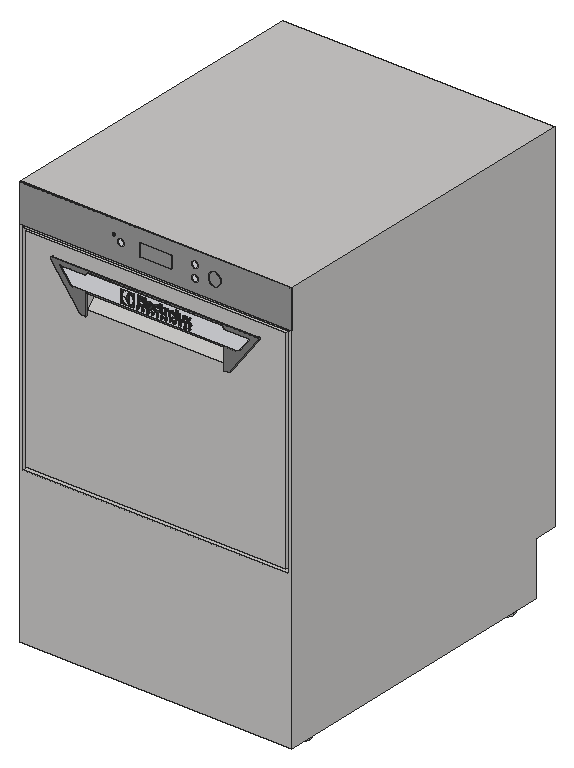
Revit family "QF_ELECTROLUXPROFESSIONAL_402124_ETGWSG16", category Attrezzature speciali, Revit 2021 (continued)
Automatic sketch dimensions
  Extrusion 10 sketch curve to Extrusion 10 sketch curve = 0.427 mm  (x2)
  Extrusion 10 sketch curve to Extrusion 10 sketch curve = 2.809 mm
  Extrusion 10 sketch curve to plane 8 = 119.648 mm  (x2)
  Extrusion 10 sketch curve to Extrusion 10 sketch curve = 0.99 mm  (x4)
  Extrusion 10 sketch curve to plane 8 = 120.138 mm  (x2)
  Extrusion 10 sketch curve to Extrusion 10 sketch curve = 0.782 mm  (x3)
  Extrusion 10 sketch curve to Extrusion 10 sketch curve = 0.126 mm  (x2)
  Extrusion 10 sketch curve to Extrusion 10 sketch curve = 1.389 mm  (x2)
  Extrusion 10 sketch curve to plane 8 = 111.695 mm
  Extrusion 10 sketch curve to Extrusion 10 sketch curve = 2.039 mm
  Extrusion 10 sketch curve to Extrusion 10 sketch curve = 2.048 mm
  Extrusion 10 sketch curve to Extrusion 10 sketch curve = 2.085 mm
  Extrusion 10 sketch curve to Extrusion 10 sketch curve = 0.724 mm
  Extrusion 10 sketch curve to plane 8 = 113.977 mm
  Extrusion 10 sketch curve to Extrusion 10 sketch curve = 1.046 mm
  Extrusion 10 sketch curve to Extrusion 10 sketch curve = 2.251 mm
  Extrusion 10 sketch curve to Extrusion 10 sketch curve = 0.003 mm
  Extrusion 10 sketch curve to plane 8 = 109.679 mm
  Extrusion 10 sketch curve to Extrusion 10 sketch curve = 2.475 mm
  Extrusion 10 sketch curve to plane 8 = 105.048 mm
  Extrusion 10 sketch curve to Extrusion 10 sketch curve = 4.018 mm
  Extrusion 10 sketch curve to plane 8 = 112.517 mm
  Extrusion 10 sketch curve to Extrusion 10 sketch curve = 1.543 mm
  Extrusion 10 sketch curve to plane 8 = 110.92 mm
  Extrusion 10 sketch curve to Extrusion 10 sketch curve = 1.535 mm  (x2)
  Extrusion 10 sketch curve to plane 8 = 106.646 mm
  Extrusion 10 sketch curve to Extrusion 10 sketch curve = 3.932 mm
  Extrusion 10 sketch curve to Extrusion 10 sketch curve = 0.048 mm
  Extrusion 10 sketch curve to Extrusion 10 sketch curve = 0.138 mm
  Extrusion 10 sketch curve to Extrusion 10 sketch curve = 1.402 mm
  Extrusion 10 sketch curve to Extrusion 10 sketch curve = 0.206 mm  (x2)
  Extrusion 10 sketch curve to Extrusion 10 sketch curve = 2.128 mm
  Extrusion 10 sketch curve to plane 8 = 105.505 mm
  Extrusion 10 sketch curve to Extrusion 10 sketch curve = 2.656 mm  (x2)
  Extrusion 10 sketch curve to plane 8 = 103.243 mm
  Extrusion 10 sketch curve to plane 8 = 112.061 mm
  Extrusion 10 sketch curve to plane 8 = 114.323 mm
  Extrusion 10 sketch curve to plane 8 = 108.783 mm  (x2)
  Extrusion 10 sketch curve to Extrusion 10 sketch curve = 3.216 mm
  Extrusion 10 sketch curve to Extrusion 10 sketch curve = 4.222 mm
  Extrusion 10 sketch curve to Extrusion 10 sketch curve = 0.18 mm
  Extrusion 10 sketch curve to Extrusion 10 sketch curve = 2.469 mm
  Extrusion 10 sketch curve to plane 8 = 108.555 mm
  Extrusion 10 sketch curve to Extrusion 10 sketch curve = 1.28 mm
  Extrusion 10 sketch curve to Extrusion 10 sketch curve = 0.041 mm  (x2)
  Extrusion 10 sketch curve to Extrusion 10 sketch curve = 1.873 mm
  Extrusion 10 sketch curve to plane 8 = 112.414 mm
  Extrusion 10 sketch curve to Extrusion 10 sketch curve = 0.664 mm
  Extrusion 10 sketch curve to plane 8 = 110.961 mm
  Extrusion 10 sketch curve to plane 8 = 107.683 mm
  Extrusion 10 sketch curve to Extrusion 10 sketch curve = 2.531 mm
  Extrusion 10 sketch curve to plane 8 = 112.165 mm
  Extrusion 10 sketch curve to Extrusion 10 sketch curve = 2.822 mm
  Extrusion 10 sketch curve to plane 8 = 114.281 mm
  Extrusion 10 sketch curve to Extrusion 10 sketch curve = 0.083 mm
  Extrusion 10 sketch curve to plane 8 = 103.285 mm
  Extrusion 10 sketch curve to Extrusion 10 sketch curve = 2.635 mm
  Extrusion 10 sketch curve to plane 8 = 105.401 mm
  Extrusion 10 sketch curve to Extrusion 10 sketch curve = 2.946 mm  (x2)
  Extrusion 10 sketch curve to Extrusion 10 sketch curve = 0.062 mm
  Extrusion 10 sketch curve to plane 8 = 108.846 mm
  Extrusion 10 sketch curve to Extrusion 10 sketch curve = 2.511 mm
  Extrusion 10 sketch curve to Extrusion 10 sketch curve = 7.106 mm
  Extrusion 10 sketch curve to Extrusion 10 sketch curve = 6.354 mm
  Extrusion 10 sketch curve to Extrusion 10 sketch curve = 2.478 mm
  Extrusion 10 sketch curve to Extrusion 10 sketch curve = 1.161 mm
  Extrusion 10 sketch curve to plane 8 = 119.3 mm
  Extrusion 10 sketch curve to Extrusion 10 sketch curve = 0.033 mm
  Extrusion 10 sketch curve to Extrusion 10 sketch curve = 0.694 mm
  Extrusion 10 sketch curve to Extrusion 10 sketch curve = 0.106 mm  (x2)
  Extrusion 10 sketch curve to Extrusion 10 sketch curve = 0.021 mm  (x2)
  Extrusion 10 sketch curve to Extrusion 10 sketch curve = 0.09 mm
  Extrusion 10 sketch curve to Extrusion 10 sketch curve = 1.76 mm
  Extrusion 10 sketch curve to plane 8 = 119.634 mm
  Extrusion 10 sketch curve to Extrusion 10 sketch curve = 0.948 mm
  Extrusion 10 sketch curve to Extrusion 10 sketch curve = 1.933 mm
  Extrusion 10 sketch curve to Extrusion 10 sketch curve = 2.318 mm
  Extrusion 10 sketch curve to Extrusion 10 sketch curve = 0.781 mm
  Extrusion 10 sketch curve to Extrusion 10 sketch curve = 0.839 mm
  Extrusion 10 sketch curve to Extrusion 10 sketch curve = 4.563 mm
  Extrusion 10 sketch curve to plane 8 = 114.021 mm
  Extrusion 10 sketch curve to plane 8 = 113.951 mm
  Extrusion 10 sketch curve to Extrusion 10 sketch curve = 0.973 mm
  Extrusion 10 sketch curve to Extrusion 10 sketch curve = 2.047 mm
  Extrusion 10 sketch curve to Extrusion 10 sketch curve = 0.001 mm
  Extrusion 10 sketch curve to Extrusion 10 sketch curve = 2.138 mm
  Extrusion 10 sketch curve to Extrusion 10 sketch curve = 0.853 mm
  Extrusion 10 sketch curve to Extrusion 10 sketch curve = 0.895 mm
  Extrusion 10 sketch curve to Extrusion 10 sketch curve = 2.477 mm
  Extrusion 10 sketch curve to Extrusion 10 sketch curve = 5.807 mm
  Extrusion 10 sketch curve to Extrusion 10 sketch curve = 7.939 mm
  Extrusion 10 sketch curve to Extrusion 10 sketch curve = 1.78 mm
  Extrusion 10 sketch curve to Extrusion 10 sketch curve = 0.215 mm
  Extrusion 10 sketch curve to Extrusion 10 sketch curve = 0.042 mm
  Extrusion 10 sketch curve to Extrusion 10 sketch curve = 6.738 mm
  Extrusion 10 sketch curve to Extrusion 10 sketch curve = 9.216 mm  (x2)
  Extrusion 10 sketch curve to Extrusion 10 sketch curve = 3.22 mm
  Extrusion 10 sketch curve to Extrusion 10 sketch curve = 3.518 mm
  Extrusion 10 sketch curve to Extrusion 10 sketch curve = 54.794 mm
  Extrusion 10 sketch curve to Extrusion 10 sketch curve = 7.314 mm
  Extrusion 10 sketch curve to Extrusion 10 sketch curve = 3.648 mm  (x2)
  Extrusion 10 sketch curve to Extrusion 10 sketch curve = 4.122 mm
  Extrusion 10 sketch curve to Extrusion 10 sketch curve = 3.598 mm  (x2)
  Extrusion 10 sketch curve to Extrusion 10 sketch curve = 1.632 mm
  Extrusion 10 sketch curve to Extrusion 10 sketch curve = 4.176 mm
  Extrusion 10 sketch curve to Extrusion 10 sketch curve = 1.127 mm
  Extrusion 10 sketch curve to Extrusion 10 sketch curve = 0.787 mm
  Extrusion 10 sketch curve to Extrusion 10 sketch curve = 0.856 mm
  Extrusion 10 sketch curve to Extrusion 10 sketch curve = 0.934 mm
  Extrusion 10 sketch curve to Extrusion 10 sketch curve = 0.941 mm  (x3)
  Extrusion 10 sketch curve to Extrusion 10 sketch curve = 1.073 mm
  Extrusion 10 sketch curve to Extrusion 10 sketch curve = 0.537 mm  (x2)
  Extrusion 10 sketch curve to Extrusion 10 sketch curve = 0.25 mm
  Extrusion 10 sketch curve to Extrusion 10 sketch curve = 0.311 mm  (x2)
  Extrusion 10 sketch curve to Extrusion 10 sketch curve = 0.031 mm
  Extrusion 10 sketch curve to Extrusion 10 sketch curve = 1.686 mm
  Extrusion 10 sketch curve to Extrusion 10 sketch curve = 0.082 mm
  Extrusion 10 sketch curve to Extrusion 10 sketch curve = 1.753 mm
  Extrusion 10 sketch curve to Extrusion 10 sketch curve = 0.014 mm  (x2)
  Extrusion 10 sketch curve to Extrusion 10 sketch curve = 0.109 mm  (x2)
  Extrusion 10 sketch curve to Extrusion 10 sketch curve = 0.018 mm  (x2)
  Extrusion 10 sketch curve to Extrusion 10 sketch curve = 2.046 mm
  Extrusion 10 sketch curve to Extrusion 10 sketch curve = 1.021 mm
  Extrusion 10 sketch curve to Extrusion 10 sketch curve = 0.827 mm
  Extrusion 10 sketch curve to Extrusion 10 sketch curve = 4.496 mm
  Extrusion 10 sketch curve to Extrusion 10 sketch curve = 4.443 mm
  Extrusion 10 sketch curve to Extrusion 10 sketch curve = 1.66 mm
  Extrusion 10 sketch curve to Extrusion 10 sketch curve = 0.631 mm  (x2)
  Extrusion 10 sketch curve to Extrusion 10 sketch curve = 1.016 mm
  Extrusion 10 sketch curve to Extrusion 10 sketch curve = 0.313 mm  (x2)
  Extrusion 10 sketch curve to Extrusion 10 sketch curve = 0.94 mm  (x3)
  Extrusion 10 sketch curve to Extrusion 10 sketch curve = 0.163 mm  (x2)
  Extrusion 10 sketch curve to Extrusion 10 sketch curve = 1.847 mm
  Extrusion 10 sketch curve to Extrusion 10 sketch curve = 0.192 mm  (x2)
  Extrusion 10 sketch curve to Extrusion 10 sketch curve = 0.704 mm
  Extrusion 10 sketch curve to Extrusion 10 sketch curve = 0.686 mm
  Extrusion 10 sketch curve to Extrusion 10 sketch curve = 0.002 mm
  Extrusion 10 sketch curve to Extrusion 10 sketch curve = 0.077 mm  (x2)
  Extrusion 10 sketch curve to Extrusion 10 sketch curve = 0.865 mm
  Extrusion 10 sketch curve to Extrusion 10 sketch curve = 1.05 mm
  Extrusion 10 sketch curve to Extrusion 10 sketch curve = 0.337 mm  (x2)
  Extrusion 10 sketch curve to Extrusion 10 sketch curve = 1.955 mm
  Extrusion 10 sketch curve to Extrusion 10 sketch curve = 2.265 mm  (x2)
  Extrusion 10 sketch curve to Extrusion 10 sketch curve = 0.004 mm  (x2)
  Extrusion 10 sketch curve to Extrusion 10 sketch curve = 2.182 mm
  Extrusion 10 sketch curve to Extrusion 10 sketch curve = 2.329 mm
  Extrusion 10 sketch curve to Extrusion 10 sketch curve = 0.132 mm
  Extrusion 10 sketch curve to Extrusion 10 sketch curve = 0.034 mm
  Extrusion 10 sketch curve to Extrusion 10 sketch curve = 4.131 mm
  Extrusion 10 sketch curve to Extrusion 10 sketch curve = 1.129 mm
  Extrusion 10 sketch curve to Extrusion 10 sketch curve = 0.166 mm
  Extrusion 10 sketch curve to Extrusion 10 sketch curve = 0.141 mm
  Extrusion 10 sketch curve to Extrusion 10 sketch curve = 2.155 mm
  Extrusion 10 sketch curve to Extrusion 10 sketch curve = 0.871 mm
  Extrusion 10 sketch curve to Extrusion 10 sketch curve = 2.788 mm
  Extrusion 10 sketch curve to Extrusion 10 sketch curve = 1.833 mm
  Extrusion 10 sketch curve to Extrusion 10 sketch curve = 1.273 mm
  Extrusion 10 sketch curve to Extrusion 10 sketch curve = 2.637 mm
  Extrusion 10 sketch curve to Extrusion 10 sketch curve = 0.103 mm
  Extrusion 10 sketch curve to Extrusion 10 sketch curve = 3.672 mm
  Extrusion 10 sketch curve to Extrusion 10 sketch curve = 2.338 mm
  Extrusion 10 sketch curve to Extrusion 10 sketch curve = 0.6 mm
  Extrusion 10 sketch curve to Extrusion 10 sketch curve = 1.548 mm
  Extrusion 10 sketch curve to Extrusion 10 sketch curve = 2.252 mm
  Extrusion 10 sketch curve to Extrusion 10 sketch curve = 2.396 mm
  Extrusion 10 sketch curve to Extrusion 10 sketch curve = 1.409 mm
  Extrusion 10 sketch curve to Extrusion 10 sketch curve = 3.403 mm
  Extrusion 10 sketch curve to Extrusion 10 sketch curve = 2.331 mm
  Extrusion 10 sketch curve to Extrusion 10 sketch curve = 3.986 mm
  Extrusion 10 sketch curve to Extrusion 10 sketch curve = 3.987 mm
  Extrusion 10 sketch curve to Extrusion 10 sketch curve = 1.246 mm  (x2)
  Extrusion 10 sketch curve to Extrusion 10 sketch curve = 1.098 mm  (x2)
  Extrusion 10 sketch curve to Extrusion 10 sketch curve = 0.822 mm  (x2)
  Extrusion 10 sketch curve to Extrusion 10 sketch curve = 0.263 mm  (x2)
  Extrusion 10 sketch curve to Extrusion 10 sketch curve = 0.49 mm  (x2)
  Extrusion 10 sketch curve to Extrusion 10 sketch curve = 0.278 mm  (x2)
  Extrusion 10 sketch curve to Extrusion 10 sketch curve = 0.257 mm  (x2)
  Extrusion 10 sketch curve to Extrusion 10 sketch curve = 0.125 mm  (x2)
  Extrusion 12 sketch curve to Extrusion 12 sketch curve = 0 mm  (x29)
  Extrusion 12 sketch curve to plane 8 = 114.024 mm  (x3)
  plane 4 "LEFT" to Extrusion 12 sketch curve = 288.569 mm
  Extrusion 12 sketch curve to plane 8 = 103.615 mm  (x2)
  Extrusion 12 sketch curve to Extrusion 12 sketch curve = 0.351 mm
  Extrusion 12 sketch curve to Extrusion 12 sketch curve = 0.877 mm
  Extrusion 12 sketch curve to plane 8 = 105.873 mm
  Extrusion 12 sketch curve to Extrusion 12 sketch curve = 1.658 mm
  Extrusion 12 sketch curve to plane 8 = 110.695 mm
  Extrusion 12 sketch curve to Extrusion 12 sketch curve = 2.381 mm
  Extrusion 12 sketch curve to Extrusion 12 sketch curve = 2.664 mm
  Extrusion 12 sketch curve to Extrusion 12 sketch curve = 1.914 mm
  Extrusion 12 sketch curve to Extrusion 12 sketch curve = 1.048 mm
  Extrusion 12 sketch curve to Extrusion 12 sketch curve = 1.023 mm  (x6)
  Extrusion 12 sketch curve to plane 8 = 108.51 mm
  Extrusion 12 sketch curve to Extrusion 12 sketch curve = 1.563 mm
  Extrusion 12 sketch curve to plane 8 = 110.348 mm
  Extrusion 12 sketch curve to Extrusion 12 sketch curve = 1.364 mm  (x2)
  Extrusion 12 sketch curve to plane 8 = 106.733 mm
  Extrusion 12 sketch curve to plane 8 = 108.53 mm
  Extrusion 12 sketch curve to Extrusion 12 sketch curve = 1.363 mm
  Extrusion 12 sketch curve to Extrusion 12 sketch curve = 2.272 mm
  Extrusion 12 sketch curve to plane 8 = 121.266 mm  (x3)
  Extrusion 12 sketch curve to Extrusion 12 sketch curve = 4.059 mm
  Extrusion 12 sketch curve to Extrusion 12 sketch curve = 2.643 mm
  Extrusion 12 sketch curve to plane 8 = 105.721 mm
  Extrusion 12 sketch curve to Extrusion 12 sketch curve = 1.145 mm
  Extrusion 12 sketch curve to plane 8 = 111.528 mm
  Extrusion 12 sketch curve to Extrusion 12 sketch curve = 0.872 mm
  Extrusion 12 sketch curve to Extrusion 12 sketch curve = 1.1 mm
  Extrusion 12 sketch curve to Extrusion 12 sketch curve = 0.485 mm  (x2)
  Extrusion 12 sketch curve to Extrusion 12 sketch curve = 0.459 mm  (x4)
  Extrusion 12 sketch curve to Extrusion 12 sketch curve = 1.54 mm
  Extrusion 12 sketch curve to plane 8 = 116.289 mm
  Extrusion 12 sketch curve to Extrusion 12 sketch curve = 0.461 mm  (x2)
  Extrusion 12 sketch curve to plane 8 = 118.15 mm
  Extrusion 12 sketch curve to Extrusion 12 sketch curve = 0.238 mm
  Extrusion 12 sketch curve to plane 8 = 119.171 mm
  Extrusion 12 sketch curve to Extrusion 12 sketch curve = 0.922 mm
  Extrusion 12 sketch curve to plane 8 = 109.831 mm
  Extrusion 12 sketch curve to Extrusion 12 sketch curve = 2.935 mm
  Extrusion 12 sketch curve to Extrusion 12 sketch curve = 1.099 mm
  Extrusion 12 sketch curve to Extrusion 12 sketch curve = 2.498 mm
  Extrusion 12 sketch curve to plane 8 = 112.021 mm
  Extrusion 12 sketch curve to Extrusion 12 sketch curve = 2.273 mm
  Extrusion 12 sketch curve to plane 8 = 114.293 mm
  Extrusion 12 sketch curve to Extrusion 12 sketch curve = 0.02 mm
  Extrusion 12 sketch curve to Extrusion 12 sketch curve = 0.393 mm  (x3)
  Extrusion 12 sketch curve to Extrusion 12 sketch curve = 0.995 mm
  Extrusion 12 sketch curve to plane 8 = 119.513 mm
  Extrusion 12 sketch curve to Extrusion 12 sketch curve = 0.039 mm  (x2)
  Extrusion 12 sketch curve to Extrusion 12 sketch curve = 4.544 mm
  Extrusion 12 sketch curve to plane 8 = 118.137 mm
  Extrusion 12 sketch curve to Extrusion 12 sketch curve = 2.238 mm
  Extrusion 12 sketch curve to Extrusion 12 sketch curve = 1.034 mm
  Extrusion 12 sketch curve to Extrusion 12 sketch curve = 2.499 mm
  Extrusion 12 sketch curve to Extrusion 12 sketch curve = 1.948 mm
  Extrusion 12 sketch curve to Extrusion 12 sketch curve = 2.48 mm
  Extrusion 12 sketch curve to plane 8 = 108.819 mm  (x4)
  Extrusion 12 sketch curve to Extrusion 12 sketch curve = 1.524 mm
  Extrusion 12 sketch curve to Extrusion 12 sketch curve = 2.438 mm
  Extrusion 12 sketch curve to Extrusion 12 sketch curve = 2.458 mm  (x2)
  Extrusion 12 sketch curve to plane 8 = 105.556 mm
  Extrusion 12 sketch curve to Extrusion 12 sketch curve = 3.221 mm  (x2)
  Extrusion 12 sketch curve to plane 8 = 114.334 mm
  Extrusion 12 sketch curve to plane 8 = 112.083 mm
  Extrusion 12 sketch curve to plane 8 = 103.305 mm
  Extrusion 12 sketch curve to Extrusion 12 sketch curve = 2.133 mm
  Extrusion 12 sketch curve to Extrusion 12 sketch curve = 3.222 mm
  Extrusion 12 sketch curve to Extrusion 12 sketch curve = 2.459 mm
  Extrusion 12 sketch curve to Extrusion 12 sketch curve = 0.379 mm
  Extrusion 12 sketch curve to plane 8 = 105.762 mm
  Extrusion 12 sketch curve to Extrusion 12 sketch curve = 1.033 mm
  Extrusion 12 sketch curve to plane 8 = 117.09 mm  (x2)
  Extrusion 12 sketch curve to Extrusion 12 sketch curve = 4.456 mm
  Extrusion 12 sketch curve to plane 8 = 117.595 mm  (x2)
  Extrusion 12 sketch curve to Extrusion 12 sketch curve = 0.735 mm  (x2)
  Extrusion 12 sketch curve to Extrusion 12 sketch curve = 0.432 mm  (x2)
  Extrusion 12 sketch curve to Extrusion 12 sketch curve = 0.445 mm  (x2)
  Extrusion 12 sketch curve to Extrusion 12 sketch curve = 0.209 mm  (x2)
  Extrusion 12 sketch curve to Extrusion 12 sketch curve = 0.236 mm  (x2)
  Extrusion 12 sketch curve to Extrusion 12 sketch curve = 0.12 mm  (x2)
  Extrusion 12 sketch curve to Extrusion 12 sketch curve = 0.365 mm  (x2)
  Extrusion 12 sketch curve to Extrusion 12 sketch curve = 0.007 mm  (x2)
  Extrusion 12 sketch curve to Extrusion 12 sketch curve = 0.164 mm  (x4)
  Extrusion 12 sketch curve to Extrusion 12 sketch curve = 0.093 mm  (x2)
  Extrusion 12 sketch curve to Extrusion 12 sketch curve = 0.137 mm  (x2)
  Extrusion 12 sketch curve to Extrusion 12 sketch curve = 0.009 mm  (x5)
  Extrusion 12 sketch curve to Extrusion 12 sketch curve = 0.168 mm  (x2)
  Extrusion 12 sketch curve to Extrusion 12 sketch curve = 0.079 mm  (x2)
  Extrusion 12 sketch curve to Extrusion 12 sketch curve = 0.094 mm  (x2)
  Extrusion 12 sketch curve to Extrusion 12 sketch curve = 0.427 mm  (x2)
  Extrusion 12 sketch curve to Extrusion 12 sketch curve = 0.886 mm
  Extrusion 12 sketch curve to Extrusion 12 sketch curve = 2.809 mm
  Extrusion 12 sketch curve to plane 8 = 119.648 mm  (x2)
  Extrusion 12 sketch curve to Extrusion 12 sketch curve = 0.99 mm  (x4)
  Extrusion 12 sketch curve to plane 8 = 120.138 mm  (x2)
  Extrusion 12 sketch curve to Extrusion 12 sketch curve = 0.782 mm  (x3)
  Extrusion 12 sketch curve to Extrusion 12 sketch curve = 0.126 mm  (x2)
  Extrusion 12 sketch curve to Extrusion 12 sketch curve = 1.389 mm  (x2)
  Extrusion 12 sketch curve to plane 8 = 111.695 mm
  Extrusion 12 sketch curve to Extrusion 12 sketch curve = 2.039 mm
  Extrusion 12 sketch curve to Extrusion 12 sketch curve = 2.048 mm
  Extrusion 12 sketch curve to Extrusion 12 sketch curve = 2.085 mm
  Extrusion 12 sketch curve to Extrusion 12 sketch curve = 0.724 mm
  Extrusion 12 sketch curve to plane 8 = 113.977 mm
  Extrusion 12 sketch curve to Extrusion 12 sketch curve = 1.046 mm
  Extrusion 12 sketch curve to Extrusion 12 sketch curve = 2.251 mm
  Extrusion 12 sketch curve to Extrusion 12 sketch curve = 2.301 mm
  Extrusion 12 sketch curve to plane 8 = 109.679 mm
  Extrusion 12 sketch curve to Extrusion 12 sketch curve = 2.475 mm
  Extrusion 12 sketch curve to plane 8 = 105.048 mm
  Extrusion 12 sketch curve to Extrusion 12 sketch curve = 4.018 mm
  Extrusion 12 sketch curve to plane 8 = 112.517 mm
  Extrusion 12 sketch curve to Extrusion 12 sketch curve = 1.543 mm
  Extrusion 12 sketch curve to plane 8 = 110.92 mm
  Extrusion 12 sketch curve to Extrusion 12 sketch curve = 1.535 mm  (x2)
  Extrusion 12 sketch curve to plane 8 = 106.646 mm
  Extrusion 12 sketch curve to Extrusion 12 sketch curve = 3.932 mm
  Extrusion 12 sketch curve to Extrusion 12 sketch curve = 0.048 mm
  Extrusion 12 sketch curve to Extrusion 12 sketch curve = 0.187 mm
  Extrusion 12 sketch curve to Extrusion 12 sketch curve = 1.402 mm
  Extrusion 12 sketch curve to Extrusion 12 sketch curve = 0.206 mm  (x2)
  Extrusion 12 sketch curve to Extrusion 12 sketch curve = 0.569 mm
  Extrusion 12 sketch curve to plane 8 = 105.505 mm
  Extrusion 12 sketch curve to Extrusion 12 sketch curve = 2.656 mm  (x2)
  Extrusion 12 sketch curve to plane 8 = 103.243 mm
  Extrusion 12 sketch curve to plane 8 = 112.061 mm
  Extrusion 12 sketch curve to plane 8 = 114.323 mm
  Extrusion 12 sketch curve to plane 8 = 108.783 mm  (x2)
  Extrusion 12 sketch curve to Extrusion 12 sketch curve = 3.216 mm
  Extrusion 12 sketch curve to Extrusion 12 sketch curve = 4.222 mm
  Extrusion 12 sketch curve to Extrusion 12 sketch curve = 0.18 mm
  Extrusion 12 sketch curve to Extrusion 12 sketch curve = 2.469 mm
  Extrusion 12 sketch curve to plane 8 = 108.555 mm
  Extrusion 12 sketch curve to Extrusion 12 sketch curve = 1.28 mm
  Extrusion 12 sketch curve to plane 8 = 109.426 mm
  Extrusion 12 sketch curve to Extrusion 12 sketch curve = 0.041 mm  (x2)
  Extrusion 12 sketch curve to Extrusion 12 sketch curve = 1.873 mm
  Extrusion 12 sketch curve to plane 8 = 112.414 mm
  Extrusion 12 sketch curve to Extrusion 12 sketch curve = 0.664 mm
  Extrusion 12 sketch curve to plane 8 = 110.961 mm
  Extrusion 12 sketch curve to Extrusion 12 sketch curve = 1.494 mm
  Extrusion 12 sketch curve to plane 8 = 107.683 mm
  Extrusion 12 sketch curve to Extrusion 12 sketch curve = 2.531 mm
  Extrusion 12 sketch curve to plane 8 = 112.165 mm
  Extrusion 12 sketch curve to Extrusion 12 sketch curve = 2.822 mm
  Extrusion 12 sketch curve to plane 8 = 114.281 mm
  Extrusion 12 sketch curve to Extrusion 12 sketch curve = 0.083 mm
  Extrusion 12 sketch curve to plane 8 = 105.401 mm
  Extrusion 12 sketch curve to Extrusion 12 sketch curve = 2.635 mm
  Extrusion 12 sketch curve to plane 8 = 103.285 mm
  Extrusion 12 sketch curve to Extrusion 12 sketch curve = 2.946 mm  (x2)
  Extrusion 12 sketch curve to Extrusion 12 sketch curve = 0.062 mm
  Extrusion 12 sketch curve to plane 8 = 108.846 mm
  Extrusion 12 sketch curve to Extrusion 12 sketch curve = 2.511 mm
  Extrusion 12 sketch curve to Extrusion 12 sketch curve = 7.106 mm
  Extrusion 12 sketch curve to Extrusion 12 sketch curve = 6.354 mm
  Extrusion 12 sketch curve to Extrusion 12 sketch curve = 2.478 mm  (x2)
  Extrusion 12 sketch curve to Extrusion 12 sketch curve = 1.161 mm
  Extrusion 12 sketch curve to plane 8 = 119.3 mm
  Extrusion 12 sketch curve to Extrusion 12 sketch curve = 0.033 mm
  Extrusion 12 sketch curve to Extrusion 12 sketch curve = 0.694 mm
  Extrusion 12 sketch curve to Extrusion 12 sketch curve = 0.106 mm
  Extrusion 12 sketch curve to Extrusion 12 sketch curve = 0.021 mm  (x2)
  Extrusion 12 sketch curve to Extrusion 12 sketch curve = 0.09 mm
  Extrusion 12 sketch curve to Extrusion 12 sketch curve = 1.76 mm
  Extrusion 12 sketch curve to plane 8 = 119.634 mm
  Extrusion 12 sketch curve to Extrusion 12 sketch curve = 0.948 mm
  Extrusion 12 sketch curve to Extrusion 12 sketch curve = 1.933 mm
  Extrusion 12 sketch curve to Extrusion 12 sketch curve = 2.318 mm
  Extrusion 12 sketch curve to Extrusion 12 sketch curve = 0.908 mm
  Extrusion 12 sketch curve to plane 8 = 119.552 mm
  Extrusion 12 sketch curve to Extrusion 12 sketch curve = 0.781 mm
  Extrusion 12 sketch curve to Extrusion 12 sketch curve = 4.563 mm
  Extrusion 12 sketch curve to plane 8 = 113.951 mm
  Extrusion 12 sketch curve to Extrusion 12 sketch curve = 0.973 mm
  Extrusion 12 sketch curve to plane 8 = 109.537 mm
  Extrusion 12 sketch curve to Extrusion 12 sketch curve = 2.047 mm
  Extrusion 12 sketch curve to Extrusion 12 sketch curve = 0.001 mm
  Extrusion 12 sketch curve to Extrusion 12 sketch curve = 2.138 mm
  Extrusion 12 sketch curve to Extrusion 12 sketch curve = 0.895 mm
  Extrusion 12 sketch curve to Extrusion 12 sketch curve = 0.853 mm
  Extrusion 12 sketch curve to plane 8 = 109.431 mm
  Extrusion 12 sketch curve to Extrusion 12 sketch curve = 5.283 mm
  Extrusion 12 sketch curve to Extrusion 12 sketch curve = 7.939 mm
  Extrusion 12 sketch curve to Extrusion 12 sketch curve = 1.78 mm
  Extrusion 12 sketch curve to Extrusion 12 sketch curve = 0.215 mm
  Extrusion 12 sketch curve to Extrusion 12 sketch curve = 0.042 mm
  Extrusion 12 sketch curve to Extrusion 12 sketch curve = 6.738 mm
  Extrusion 12 sketch curve to Extrusion 12 sketch curve = 9.216 mm  (x2)
  Extrusion 12 sketch curve to Extrusion 12 sketch curve = 3.22 mm
  Extrusion 12 sketch curve to Extrusion 12 sketch curve = 3.518 mm
  Extrusion 12 sketch curve to Extrusion 12 sketch curve = 7.314 mm
  Extrusion 12 sketch curve to Extrusion 12 sketch curve = 1.714 mm
  Extrusion 12 sketch curve to Extrusion 12 sketch curve = 3.648 mm  (x2)
  Extrusion 12 sketch curve to Extrusion 12 sketch curve = 3.598 mm  (x2)
  Extrusion 12 sketch curve to Extrusion 12 sketch curve = 4.176 mm
  Extrusion 12 sketch curve to Extrusion 12 sketch curve = 1.127 mm
  Extrusion 12 sketch curve to Extrusion 12 sketch curve = 3.129 mm
  Extrusion 12 sketch curve to Extrusion 12 sketch curve = 1.753 mm
  Extrusion 12 sketch curve to Extrusion 12 sketch curve = 0.787 mm
  Extrusion 12 sketch curve to Extrusion 12 sketch curve = 0.856 mm
  Extrusion 12 sketch curve to Extrusion 12 sketch curve = 0.934 mm
  Extrusion 12 sketch curve to Extrusion 12 sketch curve = 0.941 mm  (x3)
  Extrusion 12 sketch curve to Extrusion 12 sketch curve = 1.021 mm
  Extrusion 12 sketch curve to Extrusion 12 sketch curve = 0.537 mm  (x2)
  Extrusion 12 sketch curve to Extrusion 12 sketch curve = 0.25 mm
  Extrusion 12 sketch curve to Extrusion 12 sketch curve = 0.311 mm  (x2)
  Extrusion 12 sketch curve to Extrusion 12 sketch curve = 0.031 mm
  Extrusion 12 sketch curve to Extrusion 12 sketch curve = 1.686 mm
  Extrusion 12 sketch curve to Extrusion 12 sketch curve = 0.014 mm  (x2)
  Extrusion 12 sketch curve to Extrusion 12 sketch curve = 0.109 mm  (x2)
  Extrusion 12 sketch curve to Extrusion 12 sketch curve = 0.018 mm  (x2)
  Extrusion 12 sketch curve to Extrusion 12 sketch curve = 2.046 mm
  Extrusion 12 sketch curve to Extrusion 12 sketch curve = 0.827 mm
  Extrusion 12 sketch curve to Extrusion 12 sketch curve = 4.496 mm
  Extrusion 12 sketch curve to Extrusion 12 sketch curve = 4.443 mm
  Extrusion 12 sketch curve to Extrusion 12 sketch curve = 1.66 mm
  Extrusion 12 sketch curve to Extrusion 12 sketch curve = 0.631 mm  (x2)
  Extrusion 12 sketch curve to Extrusion 12 sketch curve = 1.016 mm
  Extrusion 12 sketch curve to Extrusion 12 sketch curve = 0.313 mm  (x2)
  Extrusion 12 sketch curve to Extrusion 12 sketch curve = 0.94 mm  (x3)
  Extrusion 12 sketch curve to Extrusion 12 sketch curve = 0.163 mm  (x2)
  Extrusion 12 sketch curve to Extrusion 12 sketch curve = 0.192 mm  (x2)
  Extrusion 12 sketch curve to Extrusion 12 sketch curve = 0.704 mm
  Extrusion 12 sketch curve to Extrusion 12 sketch curve = 0.686 mm
  Extrusion 12 sketch curve to Extrusion 12 sketch curve = 0.002 mm
  Extrusion 12 sketch curve to Extrusion 12 sketch curve = 0.077 mm  (x2)
  Extrusion 12 sketch curve to Extrusion 12 sketch curve = 0.865 mm
  Extrusion 12 sketch curve to Extrusion 12 sketch curve = 1.05 mm
  Extrusion 12 sketch curve to Extrusion 12 sketch curve = 0.337 mm  (x2)
  Extrusion 12 sketch curve to Extrusion 12 sketch curve = 2.265 mm  (x2)
  Extrusion 12 sketch curve to Extrusion 12 sketch curve = 1.996 mm
  Extrusion 12 sketch curve to Extrusion 12 sketch curve = 1.955 mm
  Extrusion 12 sketch curve to Extrusion 12 sketch curve = 1.847 mm
  Extrusion 12 sketch curve to Extrusion 12 sketch curve = 3.869 mm
  Extrusion 12 sketch curve to Extrusion 12 sketch curve = 0.004 mm  (x2)
  Extrusion 12 sketch curve to Extrusion 12 sketch curve = 2.329 mm
  Extrusion 12 sketch curve to Extrusion 12 sketch curve = 0.132 mm
  Extrusion 12 sketch curve to Extrusion 12 sketch curve = 0.034 mm
  Extrusion 12 sketch curve to Extrusion 12 sketch curve = 4.131 mm
  Extrusion 12 sketch curve to Extrusion 12 sketch curve = 1.129 mm
  Extrusion 12 sketch curve to Extrusion 12 sketch curve = 0.166 mm
  Extrusion 12 sketch curve to Extrusion 12 sketch curve = 0.141 mm
  Extrusion 12 sketch curve to Extrusion 12 sketch curve = 2.788 mm
  Extrusion 12 sketch curve to Extrusion 12 sketch curve = 1.833 mm
  Extrusion 12 sketch curve to Extrusion 12 sketch curve = 1.273 mm
  Extrusion 12 sketch curve to Extrusion 12 sketch curve = 2.637 mm
  Extrusion 12 sketch curve to Extrusion 12 sketch curve = 0.103 mm
  Extrusion 12 sketch curve to Extrusion 12 sketch curve = 3.672 mm
  Extrusion 12 sketch curve to Extrusion 12 sketch curve = 2.338 mm
  Extrusion 12 sketch curve to Extrusion 12 sketch curve = 0.6 mm
  Extrusion 12 sketch curve to Extrusion 12 sketch curve = 1.548 mm
  Extrusion 12 sketch curve to Extrusion 12 sketch curve = 6.073 mm
  Extrusion 12 sketch curve to Extrusion 12 sketch curve = 2.252 mm
  Extrusion 12 sketch curve to Extrusion 12 sketch curve = 2.396 mm
  Extrusion 12 sketch curve to Extrusion 12 sketch curve = 1.409 mm
  Extrusion 12 sketch curve to Extrusion 12 sketch curve = 3.403 mm
  Extrusion 12 sketch curve to Extrusion 12 sketch curve = 0.89 mm
  Extrusion 12 sketch curve to Extrusion 12 sketch curve = 2.331 mm
  Extrusion 12 sketch curve to Extrusion 12 sketch curve = 3.986 mm
  Extrusion 12 sketch curve to Extrusion 12 sketch curve = 3.987 mm
  Extrusion 12 sketch curve to Extrusion 12 sketch curve = 1.246 mm  (x2)
  Extrusion 12 sketch curve to Extrusion 12 sketch curve = 1.098 mm  (x2)
  Extrusion 12 sketch curve to Extrusion 12 sketch curve = 0.822 mm  (x2)
  Extrusion 12 sketch curve to Extrusion 12 sketch curve = 0.263 mm  (x2)
  Extrusion 12 sketch curve to Extrusion 12 sketch curve = 0.49 mm  (x2)
  Extrusion 12 sketch curve to Extrusion 12 sketch curve = 0.278 mm  (x2)
  Extrusion 12 sketch curve to Extrusion 12 sketch curve = 0.257 mm  (x2)
  Extrusion 12 sketch curve to Extrusion 12 sketch curve = 0.125 mm  (x2)
  Extrusion 13 sketch curve to plane 8 = 0 mm
  Extrusion 13 sketch curve to plane 4 "LEFT" = 0 mm
  Extrusion 13 sketch curve to plane 5 "RIGHT" = 0 mm
  Extrusion 13 sketch curve to plane 8 = 64.303 mm
  Extrusion 14 sketch curve to plane 6 "FRONT" = 0 mm
  plane 11 "2" to Extrusion 14 sketch curve = 19.494 mm
  Extrusion 14 sketch curve to plane 8 = 132.753 mm
  Extrusion 14 sketch curve to Extrusion 14 sketch curve = 40 mm
  Extrusion 14 sketch curve to Extrusion 14 sketch curve = 20.494 mm
  Extrusion 1 sketch curve to plane 10 = 0 mm
  Extrusion 2 sketch curve to plane 10 = 0 mm
  plane 4 "LEFT" to Extrusion 3 sketch curve = 19.5 mm  (x2)
  Extrusion 3 sketch curve to plane 5 "RIGHT" = 19.5 mm  (x2)
  plane 11 "2" to Extrusion 3 sketch curve = 46 mm  (x2)
  Extrusion 3 sketch curve to plane 10 = 38 mm  (x2)
  Extrusion 4 sketch curve to Extrusion 1 = 5 mm  (x2)
  Extrusion 4 sketch curve to Extrusion 1 = 260 mm
  Extrusion 4 sketch curve to Extrusion 1 = 65.855 mm
  Extrusion 8 sketch curve to plane 6 "FRONT" = 0 mm
  plane 11 "2" to Extrusion 8 sketch curve = 26.448 mm
  plane 9 to Extrusion 8 sketch curve = 265 mm
  Extrusion 8 sketch curve to plane 8 = 70.9 mm
  Extrusion 11 sketch curve to plane 6 "FRONT" = 0 mm
  plane 11 "2" to Extrusion 11 sketch curve = 28.894 mm
  plane 9 to Extrusion 11 sketch curve = 265 mm
  Extrusion 11 sketch curve to Extrusion 11 sketch curve = 407.138 mm
  Extrusion 11 sketch curve to Extrusion 11 sketch curve = 91.839 mm
  curve 3 to plane 4 "LEFT" = 0 mm
  curve 9 to plane 6 "FRONT" = 0 mm
  curve 7 to plane 6 "FRONT" = 0 mm
  curve 1 to plane 5 "RIGHT" = 0 mm
  curve 2 to plane 7 "BACK" = 0 mm
  curve 2 to curve 9 = 5 mm
  plane 4 "LEFT" to curve 7 = 10 mm
  plane 11 "2" to curve 13 = 19.494 mm
  curve 7 to curve 13 = 102.5 mm
  curve 12 to plane 5 "RIGHT" = 112.5 mm
  curve 5 to plane 5 "RIGHT" = 10 mm
  curve 11 to plane 5 "RIGHT" = 5 mm
  plane 11 "2" to curve 11 = 29 mm
  radius of Extrusion 5 sketch curve = 10 mm
  radius of Extrusion 6 sketch curve = 8 mm
  radius of Extrusion 7 sketch curve = 8 mm
  radius of Extrusion 10 sketch curve = 2.585 mm  (x2)
  radius of Extrusion 10 sketch curve = 1.64 mm
  radius of Extrusion 10 sketch curve = 1.548 mm
  radius of Extrusion 12 sketch curve = 2.585 mm  (x2)
  radius of Extrusion 12 sketch curve = 1.64 mm
  radius of Extrusion 12 sketch curve = 1.548 mm
  radius of Extrusion 3 sketch curve = 12.5 mm  (x4)
Nested families
  nested 1: "GW_ControlPanel" at (-0.368, -274.5, 667.849), type "GW_ControlPanel"
Connectors
  piping at (3.5, 275, 59), diameter 29, driven by "Direct Waste Size"
    settings: on Extrusion 5, index 1, connector inside diameter 609.6 mm, connector length 0 mm, flow factor 0, pipe flow 0.0 L/s, pressure drop 0.0 Pa, fitting loss kfactor 0, connector angle 0.00°, fixture units 0, engagement length 0 mm, angle of deflection 0.00°, flow configuration 1, flow direction 1, fitting loss method 0, system type 16, joint type 0, gender type 0, connector reference index -1, connector utility 0, adjustable connector no, is connector primary yes, connector description "Drain"
  piping at (-107.5, 275, 59), diameter 19.05, driven by "Cold Water Size"
    settings: on Extrusion 6, index 3, connector inside diameter 609.6 mm, connector length 0 mm, flow factor 0, pipe flow 0.0 L/s, pressure drop 0.0 Pa, fitting loss kfactor 0, connector angle 0.00°, fixture units 0, engagement length 0 mm, angle of deflection 0.00°, flow configuration 1, flow direction 1, fitting loss method 0, system type 20, joint type 0, gender type 0, connector reference index -1, connector utility 0, adjustable connector no, is connector primary no, connector description "Cold Water Inlet"
  electrical at (-37.5, 275, 19.5), driven by "Volts"
    settings: on Extrusion 7, index 4, voltage 220 V, apparent load 0 VA, apparent load phase1 0 VA, apparent load phase2 0 VA, apparent load phase3 0 VA, power factor 1, load classification "Altro", number of poles 1, system type 31, power factor state 1, is connector primary yes, connector utility no, sub classification motor no, connector description "Electrical Connection"
Definition of nested family "GW_ControlPanel"
  Parameters (values of type "GW_ControlPanel")
    Default Elevation = 0 mm
  Reference planes
    plane 1 "Center (Front/Back)": y = 0
    plane 2: z = 0
    plane 3 "Center (Left/Right)": x = 0
  Forms (mm)
    Extrusion 1, solid
      sketch origin (1.418, 0.5, 0) x (1, 0, 0) y (0, 0, 1)
        loop
          line (-228.55, 32.151) -> (-228.55, -32.151) -> (226.45, -32.151) -> (226.45, 32.151) -> (-228.55, 32.151)
      from 0 to 1
    Extrusion 2, void
      sketch origin (0.368, 0.5, 0) x (1, 0, 0) y (0, 0, 1)
        loop
          circle (-70.471, 8.3) r 2
      from 0 to 1
    Extrusion 3, void
      sketch origin (0.368, 0.5, 0) x (1, 0, 0) y (0, 0, 1)
        loop
          circle (98.35, 0) r 10.499
      from 0 to 1
    Extrusion 4, void
      sketch origin (0.368, 0.5, 0) x (1, 0, 0) y (0, 0, 1)
        loop
          line (25.514, 10.5) -> (-25.514, 10.5)
          arc (-25.514, 10.5) -> (-26.207, 10.207) -> (-26.501, 9.514) r 1.001
          line (-26.501, 9.514) -> (-26.501, -9.514)
          arc (-26.501, -9.514) -> (-26.207, -10.207) -> (-25.514, -10.5) r 1.001
          line (-25.514, -10.5) -> (25.514, -10.5)
          arc (25.514, -10.5) -> (26.207, -10.206) -> (26.499, -9.513) r 1.001
          line (26.499, -9.513) -> (26.499, 9.513)
          arc (26.499, 9.513) -> (26.207, 10.206) -> (25.514, 10.5) r 1.001
      from 0 to 1
    Extrusion 5, void
      sketch origin (0.368, 0.5, 0) x (1, 0, 0) y (0, 0, 1)
        loop
          circle (-58.501, 0) r 5
      from 0 to 1
    Extrusion 6, solid
      sketch origin (0.368, 0.5, 0) x (1, 0, 0) y (0, 0, 1)
        loop
          circle (-58.501, 0) r 5
      from 0 to 1
    Extrusion 7, solid
      sketch origin (0.368, 0.5, 0) x (1, 0, 0) y (0, 0, 1)
        loop
          circle (-70.471, 8.3) r 2
      from 0 to 1
    Extrusion 8, solid
      sketch origin (0.368, 0.5, 0) x (1, 0, 0) y (0, 0.000001, 1)
        loop
          circle (98.35, 0) r 10.499
      from 0 to 1
    Extrusion 9, void
      sketch origin (0.368, 0.5, 0) x (1, 0, 0) y (0, 0, 1)
        loop
          circle (65.501, 10.339) r 5
        loop
          circle (65.501, -10.339) r 5
      from 0 to 1
    Extrusion 10, solid
      sketch origin (0.368, 0.5, 0) x (1, 0, 0) y (0, 0.000001, 1)
        loop
          circle (65.501, 10.339) r 5
        loop
          circle (65.501, -10.339) r 5
      from 0 to 1
    Extrusion 11, solid
      sketch origin (0.368, 0.5, 0) x (1, 0, 0) y (0, 0, 1)
        loop
          line (25.514, 10.5) -> (-25.514, 10.5)
          arc (-25.514, 10.5) -> (-26.207, 10.207) -> (-26.501, 9.514) r 1.001
          line (-26.501, 9.514) -> (-26.501, -9.514)
          arc (-26.501, -9.514) -> (-26.207, -10.207) -> (-25.514, -10.5) r 1.001
          line (-25.514, -10.5) -> (25.514, -10.5)
          arc (25.514, -10.5) -> (26.207, -10.206) -> (26.499, -9.513) r 1.001
          line (26.499, -9.513) -> (26.499, 9.513)
          arc (26.499, 9.513) -> (26.207, 10.206) -> (25.514, 10.5) r 1.001
      from 0 to 1
  Cuts and joins
    Extrusion 2, Extrusion 3, Extrusion 4, Extrusion 5, Extrusion 9 cuts Extrusion 1
  Dimensions and locks
    aligned and locked: level to plane 2
